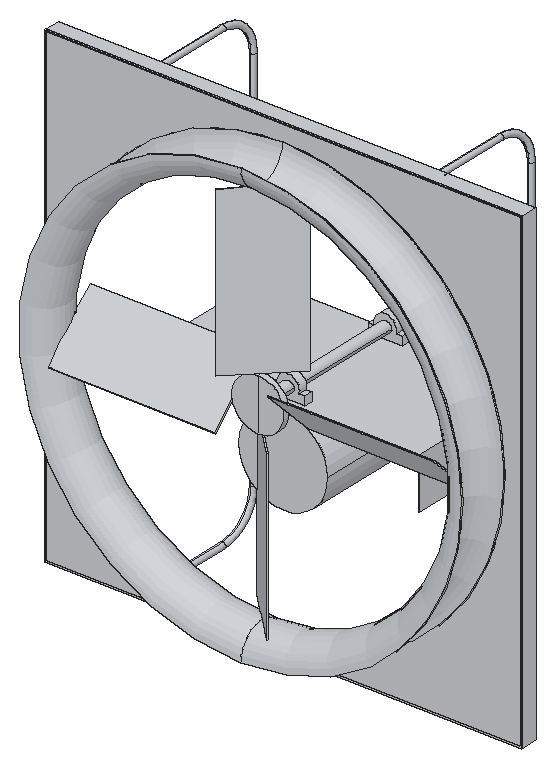
Revit family "EWB", category Mechanical Equipment, Revit 2019
Family settings
  Round Connector Dimension = Use Diameter
  Part Type = Normal
  Work Plane-Based = No
  Always vertical = Yes
  Cut with Voids When Loaded = No
  Shared = No
  Room Calculation Point = No
Parameters (values of type "72_EWB")
  Wire_Guard [instance] = no
  Weather_Hood [instance] = no
  Wall_Collar [instance] = no
  WH_B/2 = WH_B / 2  # 44"
  WH_B = 88"
  WH_ANGLE_2 = 92.00°  # constant formula
  WH_ANGLE = 130.00°  # constant formula
  WH_A = 65 7/16"
  WC_C = 82 9/16"
  WG_D = 13 7/16"
  WG_B = 85"
  WC_B = 87 11/16"
  -WH_B/2 = -WH_B / 2  # -44"
  -WC_D = -19 11/16"
  WC_A = 84 1/4"
  Unit Weight [instance] = ""
  Sones [instance] = ""
  SIZE/2 = SIZE / 2  # 39 1/16"
  SIZE = D - 1/8"  # 78 1/8"
  Motor RPM [instance] = ""
  Motor Enclosure [instance] = ""
  MOTOR = D / 10  # 7.825"
  LwA [instance] = ""
  Fan RPM [instance] = ""
  D/2 = D / 2  # 39 1/8"
  D = 78 1/4"
  E/2 = E / 2  # 1 1/2"
  E = 3"  # constant formula
  C/2 = C / 2  # 4 5/8"
  C = 9 1/4"
  B/4 = B / 4  # 6 3/4"
  B/2 = B / 2  # 13 1/2"
  B = 27"
  A/7 = A / 7  # 12.02679"
  A/3.5 = A / 3.5  # 24.05357"
  A/2 = A / 2  # 42 3/32"
  A = 84 3/16"
  9" = 9"  # constant formula
  4'6" = 54"  # constant formula
  3" = 3"  # constant formula
  Brake Hp [instance] = ""
  4" = 4"  # constant formula
  2' = 24"
  2" = 2"  # constant formula
  1" = 1"  # constant formula
  0 = 0"  # constant formula
  Voltage [instance] = 0 V
  URL = "www.lorencook.com"
  Type Comments = "Wall Exhaust Fan Extruded Aluminum Propeller Belt Drive"  # constant formula
  Static Pressure [instance] = 0.00 in-wg
  Power [instance] = Voltage * Motor FLA * sqrt(if(Phase = 3, 3, 1))  # 0 VA
  Phase [instance] = 0
  Number of Poles [instance] = 1
  Motor Hp [instance] = "0"
  Motor FLA [instance] = 0 A
  Model = "EWB"  # constant formula
  Manufacturer = "Loren Cook Company"
  CFM [instance] = 0 CFM
  1.5 = 1 1/2"  # constant formula
  .5" = 1/2"  # constant formula
  .125 = 1/8"  # constant formula
  -WG_A = -30 9/16"
  -D = -E  # -3"
  -C/2 = -C / 2  # -4 5/8"
  -B+1" = -B + 2"  # -25"
  -B = -B  # -27"
  -((SIZE/2)-.25") = -((SIZE / 2) - 1/4")  # -38 13/16"
  -((A/2)-C-.5") = -((A / 2) - C - 1/2")  # -32 11/32"
  (SIZE/2)-.25" = (SIZE / 2) - 1/4"  # 38 13/16"
  (D_SUP/2)-(C/2)-.125" = (D / 2) - (C / 2) - 1/8"  # 34 3/8"
  (A/2)-C-.5" = (A / 2) - C - 1/2"  # 32 11/32"
  (A/2)-1" = (A / 2) - 1/4"  # 41 27/32"
Types (9): name | WH_B/2 | WH_B | WH_A | WC_C | WG_D | WG_B | WC_B | -WH_B/2 | -WC_D | WC_A | SIZE/2 | SIZE | MOTOR | D/2 | D | C/2 | C | B/4 | B/2 | B | A/7 | A/3.5 | A/2 | A | -WG_A | -C/2 | -B+1" | -B | -((SIZE/2)-.25") | -((A/2)-C-.5") | (SIZE/2)-.25" | (D_SUP/2)-(C/2)-.125" | (A/2)-C-.5" | (A/2)-1"
  (no name) | 44" | 88" | 65 7/16" | 82 9/16" | 13 7/16" | 85" | 87 11/16" | -44" | -19 11/16" | 84 1/4" | 39 1/16" | 78 1/8" | 7.825" | 39 1/8" | 78 1/4" | 4 5/8" | 9 1/4" | 6 3/4" | 13 1/2" | 27" | 12.02679" | 24.05357" | 42 3/32" | 84 3/16" | -30 9/16" | -4 5/8" | -25" | -27" | -38 13/16" | -32 11/32" | 38 13/16" | 34 3/8" | 32 11/32" | 41 27/32"
  24_EWB | 20" | 40" | 27 1/8" | 34 7/16" | 12 9/16" | 37" | 39 9/16" | -20" | -18 11/16" | 36 1/4" | 14 15/16" | 29 7/8" | 3" | 15" | 30" | 3 5/16" | 6 5/8" | 5" | 10" | 20" | 5.16964" | 10.33929" | 18 3/32" | 36 3/16" | -20 9/16" | -3 5/16" | -18" | -20" | -14 11/16" | -10 31/32" | 14 11/16" | 11 9/16" | 10 31/32" | 17 27/32"
  30_EWB | 23" | 46" | 35 11/16" | 40 1/2" | 12 9/16" | 43" | 45 9/16" | -23" | -19 7/16" | 42 1/4" | 17 15/16" | 35 7/8" | 3.6" | 18" | 36" | 3 3/8" | 6 3/4" | 5 1/4" | 10 1/2" | 21" | 6.02679" | 12.05357" | 21 3/32" | 42 3/16" | -20 9/16" | -3 3/8" | -19" | -21" | -17 11/16" | -13 27/32" | 17 11/16" | 14 1/2" | 13 27/32" | 20 27/32"
  36_EWB | 26" | 52" | 39 15/16" | 46 1/2" | 12 9/16" | 49" | 51 5/8" | -26" | -19 7/16" | 48 1/4" | 20 15/16" | 41 7/8" | 4.2" | 21" | 42" | 3 5/8" | 7 1/4" | 5 1/4" | 10 1/2" | 21" | 6.88393" | 13.76786" | 24 3/32" | 48 3/16" | -25 9/16" | -3 5/8" | -19" | -21" | -20 11/16" | -16 11/32" | 20 11/16" | 17 1/4" | 16 11/32" | 23 27/32"
  42_EWB | 29" | 58" | 44 3/16" | 52 1/2" | 13 7/16" | 55" | 57 5/8" | -29" | -19 11/16" | 54 1/4" | 23 15/16" | 47 7/8" | 4.8" | 24" | 48" | 4 1/32" | 8 1/16" | 5 1/4" | 10 1/2" | 21" | 7.74107" | 15.48214" | 27 3/32" | 54 3/16" | -28 7/16" | -4 1/32" | -19" | -21" | -23 11/16" | -18 17/32" | 23 11/16" | 19 27/32" | 18 17/32" | 26 27/32"
  48_EWB | 32" | 64" | 48 7/16" | 58 9/16" | 13 7/16" | 61" | 63 11/16" | -32" | -19 11/16" | 60 1/4" | 26 15/16" | 53 7/8" | 5.4" | 27" | 54" | 4 1/32" | 8 1/16" | 6" | 12" | 24" | 8.59821" | 17.19643" | 30 3/32" | 60 3/16" | -28 7/16" | -4 1/32" | -22" | -24" | -26 11/16" | -21 17/32" | 26 11/16" | 22 27/32" | 21 17/32" | 29 27/32"
  54_EWB | 35" | 70" | 52 5/8" | 64 9/16" | 13 7/16" | 67" | 69 11/16" | -35" | -19 11/16" | 66 1/4" | 29 15/16" | 59 7/8" | 6" | 30" | 60" | 4 1/32" | 8 1/16" | 6 3/4" | 13 1/2" | 27" | 9.45536" | 18.91071" | 33 3/32" | 66 3/16" | -28 7/16" | -4 1/32" | -25" | -27" | -29 11/16" | -24 17/32" | 29 11/16" | 25 27/32" | 24 17/32" | 32 27/32"
  60_EWB | 38" | 76" | 56 13/16" | 70 9/16" | 13 7/16" | 73" | 75 11/16" | -38" | -19 11/16" | 72 1/4" | 32 15/16" | 65 7/8" | 6.6" | 33" | 66" | 4 1/32" | 8 1/16" | 6 3/4" | 13 1/2" | 27" | 10 5/16" | 20 5/8" | 36 3/32" | 72 3/16" | -28 7/16" | -4 1/32" | -25" | -27" | -32 11/16" | -27 17/32" | 32 11/16" | 28 27/32" | 27 17/32" | 35 27/32"
  72_EWB | 44" | 88" | 65 7/16" | 82 9/16" | 13 7/16" | 85" | 87 11/16" | -44" | -19 11/16" | 84 1/4" | 39 1/16" | 78 1/8" | 7.825" | 39 1/8" | 78 1/4" | 4 5/8" | 9 1/4" | 6 3/4" | 13 1/2" | 27" | 12.02679" | 24.05357" | 42 3/32" | 84 3/16" | -30 9/16" | -4 5/8" | -25" | -27" | -38 13/16" | -32 11/32" | 38 13/16" | 34 3/8" | 32 11/32" | 41 27/32"
Reference planes (in)
  plane 1 "Center (Front/Back)": y = 0
  plane 2: z = 0
  plane 3 "Center (Left/Right)": x = 0.40541
  plane 4: y = 1.5
Forms (in)
  Revolve 1, solid
    sketch origin (0.40541, 0, 0) x (0, 1, 0) y (0, 0, 1)
      loop
        line (-5.625, 4.625) -> (-5.625, 0) -> (-4.625, 0) -> (-4.625, 4.625) -> (-5.625, 4.625)
      axis (-5.625, 0) -> (-4.625, 0)
    angle from 0 to 360
  Extrusion 2, solid
    sketch origin (0.40541, 0, 0) x (0, 1, 0) y (0, 0, 1)
      loop
        line (0, -4.625) -> (-9.25, 4.625) -> (-9.33839, 4.53661) -> (-0.08839, -4.71339) -> (0, -4.625)
    from 48 to 4.625 <- "C/2"
  Extrusion 3, solid
    sketch origin (0.40541, 0, 0) x (0, 1, 0) y (-1, 0, 0)
      loop
        line (0, -4.625) -> (-9.25, 4.625) -> (-9.33839, 4.53661) -> (-0.08839, -4.71339) -> (0, -4.625)
    from 48 to 4.625 <- "C/2"
  Extrusion 4, solid
    sketch origin (0.40541, 0, 0) x (0, 1, 0) y (0, 0, -1)
      loop
        line (0, -4.625) -> (-9.25, 4.625) -> (-9.33839, 4.53661) -> (-0.08839, -4.71339) -> (0, -4.625)
    from 48 to 4.625 <- "C/2"
  Extrusion 5, solid
    sketch origin (0.40541, 0, 0) x (1, 0, 0) y (0, 1, 0)
      loop
        line (-4.625, 0) -> (-4.71339, -0.08839) -> (4.53661, -9.33839) -> (4.625, -9.25) -> (-4.625, 0)
    from -48 to -4.625 <- "-C/2"
  Extrusion 6, void
    sketch origin (0, 0, 0) x (1, 0, 0) y (0, 0, 1)
      loop
        circle (0.40541, 0) r 34.375
      loop
        circle (0.40541, 0) r 54
    from 0 to 10
  Extrusion 7, solid
    sketch origin (0, 0, 0) x (1, 0, 0) y (0, 0, 1)
      loop
        line (-41.68834, 42.09375) -> (-41.68834, -42.09375) -> (42.49916, -42.09375) -> (42.49916, 42.09375) -> (-41.68834, 42.09375)
      loop
        circle (0.40541, 0) r 39.125
    from 0 to -0.125
  Extrusion 8, solid
    sketch origin (0, 0, 0) x (1, 0, 0) y (0, 0, 1)
      loop
        line (-41.68834, 42.09375) -> (-41.68834, -42.09375) -> (42.49916, -42.09375) -> (42.49916, 42.09375) -> (-41.68834, 42.09375)
      loop
        line (42.37416, -41.96875) -> (42.37416, 41.96875) -> (-41.56334, 41.96875) -> (-41.56334, -41.96875) -> (42.37416, -41.96875)
    from 0 to -3 <- "-D"
  Extrusion 9, solid
    sketch origin (0, 0, 0) x (1, 0, 0) y (0, 0, 1)
      loop
        circle (0.40541, 0) r 1
    from 2 to -27 <- "-B"
  Extrusion 10, solid
    sketch origin (0, 0, 0) x (1, 0, 0) y (0, 0, 1)
      loop
        line (-23.64816, -2) -> (-23.64816, -11) -> (-23.52316, -11) -> (-23.52316, -3.5) -> (24.33398, -3.5) -> (24.33398, -11) -> (24.45898, -11) -> (24.45898, -2) -> (-23.64816, -2)
    from 0 to -25 <- "-B+1""
  Sweep 11, solid
    path origin (0.40541, 0, 0) x (0, 1, 0) y (0, 0, 1)
      loop
        line (0.125, 40.96875) -> (17.25, 40.96875)
        arc (17.25, 40.96875) -> (22.02297, 38.99172) -> (24, 34.21875) r 6.75
        line (24, 34.21875) -> (24, -34.21875)
        arc (24, -34.21875) -> (22.02297, -38.99172) -> (17.25, -40.96875) r 6.75
        line (17.25, -40.96875) -> (0.125, -40.96875)
    profile origin (0.40541, 8.6875, 40.96875) x (0, 0, 1) y (1, 0, 0)
      loop
        circle (0, -24.55357) r 0.5
      loop
        circle (0, 24.55357) r 0.5
  Revolve 12, solid
    sketch origin (0.40541, 0, 0) x (0, 1, 0) y (0, 0, 1)
      loop
        arc (-0.125, 39.125) -> (-4.75, 34.5) -> (-9.375, 39.125) r 4.625
        line (-9.375, 39.125) -> (-9.5, 39.125)
        arc (-9.5, 39.125) -> (-4.75, 34.375) -> (0, 39.125) r 4.75
        line (0, 39.125) -> (-0.125, 39.125)
      axis (-9.5, 0) -> (0, 0)
    angle from 0 to 360
  Extrusion 13, solid
    sketch origin (0, 25, 0) x (-1, 0, 0) y (0, 0, 1)
      loop
        circle (-0.40541, -11.325) r 7.825
    from 0 to -25 <- "-B+1""
  Extrusion 14, solid
    sketch origin (0, 27, 0) x (-1, 0, 0) y (0, 0, 1)
      loop
        circle (-0.40541, -11.325) r 1
    from 0 to -2
  Extrusion 15, solid
    sketch origin (0, 25, 0) x (-1, 0, 0) y (0, 0, 1)
      loop
        line (-3.40541, -0.5) -> (-3.40541, -2) -> (2.59459, -2) -> (2.59459, -0.5) -> (1.53108, -0.5)
        arc (1.53108, -0.5) -> (-0.40541, 2) -> (-2.3419, -0.5) r 2
        line (-2.3419, -0.5) -> (-3.40541, -0.5)
    from -2.5 to -1
  Extrusion 16, solid
    sketch origin (0, 0, 0) x (1, 0, 0) y (0, 0, 1)
      loop
        arc (2.3419, -0.5) -> (0.40541, 2) -> (-1.53108, -0.5) r 2
        line (-1.53108, -0.5) -> (-2.59459, -0.5) -> (-2.59459, -2) -> (3.40541, -2) -> (3.40541, -0.5) -> (2.3419, -0.5)
    from -2.5 to -1
  Extrusion 17, solid, material "Glass", visible <- "Wire_Guard"
    sketch origin (0, 1.5, 33.44256) x (0, 0, 1) y (-1, 0, 0)
      loop
        line (9.05744, -42.90541) -> (9.05744, 42.09459) -> (-75.94256, 42.09459) -> (-75.94256, -42.90541) -> (9.05744, -42.90541)
    from -30.5625 <- "-WG_A" to 13.4375 <- "WG_D"
  Extrusion 18, solid, visible <- "Wall_Collar"
    sketch origin (0, 3, 0) x (-1, 0, 0) y (0, 0, 1)
      loop
        line (41.84459, 42.25) -> (-42.65541, 42.25) -> (-42.65541, -42.25) -> (41.84459, -42.25) -> (41.84459, 42.25)
      loop
        line (-42.53041, -42.125) -> (41.71959, -42.125) -> (41.71959, 42.125) -> (-42.53041, 42.125) -> (-42.53041, -42.125)
    from 0 to -19.6875 <- "-WC_D"
  Extrusion 19, solid, visible <- "Wall_Collar"
    sketch origin (0, -16.6875, 0) x (1, 0, 0) y (0, 0, 1)
      loop
        line (-43.43834, 43.84375) -> (-43.43834, -43.84375) -> (44.24916, -43.84375) -> (44.24916, 43.84375) -> (-43.43834, 43.84375)
      loop
        line (41.68666, -41.28125) -> (41.68666, 41.28125) -> (-40.87584, 41.28125) -> (-40.87584, -41.28125) -> (41.68666, -41.28125)
    from -0.125 to 0
  Extrusion 20, solid, visible <- "Weather_Hood"
    sketch origin (0.40541, 0, 0) x (0, 1, 0) y (0, 0, 1)
      loop
        line (-16.6875, 44) -> (-55.45756, 44) -> (-82.125, 12.21898) -> (-19.6875, -44) -> (-16.6875, -44) -> (-16.6875, 44)
    from -44 <- "-WH_B/2" to 44 <- "WH_B/2"
  Extrusion 21, solid, visible <- "Weather_Hood"
    sketch origin (0.40541, -16.6875, -44) x (0, 0, 1) y (1, 0, 0)
      loop
        line (89.5, -45.5) -> (89.5, 45.5) -> (-1.5, 45.5) -> (-1.5, -45.5) -> (89.5, -45.5)
      loop
        line (0, 44) -> (0, -44) -> (88, -44) -> (88, 44) -> (0, 44)
    from -0.125 to 0
Cuts and joins
  Extrusion 6 cuts Revolve 1
  Extrusion 6 cuts Extrusion 2
  Extrusion 6 cuts Extrusion 3
  Extrusion 6 cuts Extrusion 4
  Extrusion 6 cuts Extrusion 5
Dimensions and locks (in)
  "0": Revolve 1 sketch curve to level  (x2)
  "C/2": Revolve 1 sketch curve to level
  "C/2": plane 1 "Center (Front/Back)" to Revolve 1 sketch curve
  "1"": Revolve 1 sketch curve to Revolve 1 sketch curve
  "0": Extrusion 2 sketch curve to plane 1 "Center (Front/Back)"
  "C": plane 1 "Center (Front/Back)" to Extrusion 2 sketch curve
  "C/2": Extrusion 2 sketch curve to level
  "C/2": level to Extrusion 2 sketch curve
  ".125": Extrusion 2 sketch curve to Extrusion 2 sketch curve
  ".125": Extrusion 3 sketch curve to Extrusion 3 sketch curve
  ".125": Extrusion 4 sketch curve to Extrusion 4 sketch curve
  ".125": Extrusion 5 sketch curve to Extrusion 5 sketch curve
  Extrusion 6 sketch curve to plane 3 "Center (Left/Right)" = 0"  (x2)
  level to Extrusion 6 sketch curve = 0"
  Extrusion 6 sketch curve to level = 0"
  "0": Extrusion 3 sketch curve to plane 1 "Center (Front/Back)"
  "C": Extrusion 3 sketch curve to plane 1 "Center (Front/Back)"
  "C/2": plane 3 "Center (Left/Right)" to Extrusion 3 sketch curve
  "C/2": Extrusion 3 sketch curve to plane 3 "Center (Left/Right)"
  "C": plane 1 "Center (Front/Back)" to Extrusion 4 sketch curve
  "0": Extrusion 4 sketch curve to plane 1 "Center (Front/Back)"
  "C/2": level to Extrusion 4 sketch curve
  "C/2": Extrusion 4 sketch curve to level
  "0": Extrusion 5 sketch curve to plane 1 "Center (Front/Back)"
  "C": Extrusion 5 sketch curve to plane 1 "Center (Front/Back)"
  "C/2": plane 3 "Center (Left/Right)" to Extrusion 5 sketch curve
  "C/2": Extrusion 5 sketch curve to plane 3 "Center (Left/Right)"
  "A/2": plane 3 "Center (Left/Right)" to Extrusion 7 sketch curve
  "A/2": Extrusion 7 sketch curve to plane 3 "Center (Left/Right)"
  "A/2": Extrusion 7 sketch curve to level
  "A/2": level to Extrusion 7 sketch curve
  "0": Extrusion 7 sketch curve to level
  "0": Extrusion 7 sketch curve to plane 3 "Center (Left/Right)"
  ".125": Extrusion 8 sketch curve to Extrusion 8 sketch curve  (x4)
  "A/2": plane 3 "Center (Left/Right)" to Extrusion 8 sketch curve  (x2)
  "A/2": level to Extrusion 8 sketch curve
  "A/2": Extrusion 8 sketch curve to level
  "0": Extrusion 9 sketch curve to level
  "0": Extrusion 9 sketch curve to plane 3 "Center (Left/Right)"
  "2"": level to Extrusion 10 sketch curve
  "9"": Extrusion 10 sketch curve to Extrusion 10 sketch curve  (x2)
  "A/3.5": Extrusion 10 sketch curve to plane 3 "Center (Left/Right)"
  "A/3.5": plane 3 "Center (Left/Right)" to Extrusion 10 sketch curve
  ".125": Sweep 11 sketch curve to plane 1 "Center (Front/Back)"  (x2)
  "1"": Extrusion 8 to Sweep 11 sketch curve  (x2)
  "0": Sweep 11 sketch curve to profile plane  (x2)
  ".5"": Sweep 11 sketch curve to Extrusion 10  (x2)
  "0": Revolve 12 sketch curve to level
  "D/2": Revolve 12 sketch curve to level  (x2)
  "C": Revolve 12 sketch curve to Revolve 12 sketch curve
  ".125": plane 1 "Center (Front/Back)" to Revolve 12 sketch curve
  ".125": Revolve 12 sketch curve to Revolve 12 sketch curve  (x2)
  "0": Revolve 12 sketch curve to Revolve 12 sketch curve
  ".125": Extrusion 10 sketch curve to Extrusion 10 sketch curve  (x2)
  "1.5": Extrusion 10 sketch curve to Extrusion 10 sketch curve
  "1"": Extrusion 10 to Sweep 11 sketch curve
  "0": Extrusion 13 sketch curve to plane 3 "Center (Left/Right)"
  "MOTOR": Extrusion 13 sketch curve to Extrusion 10
  "0": Extrusion 14 sketch curve to plane 3 "Center (Left/Right)"
  "MOTOR": Extrusion 14 sketch curve to Extrusion 10
  "0": Extrusion 10 to Extrusion 15 sketch curve
  "1.5": Extrusion 15 sketch curve to Extrusion 15 sketch curve
  "3"": plane 3 "Center (Left/Right)" to Extrusion 15 sketch curve  (x2)
  "0": Extrusion 15 sketch curve to plane 3 "Center (Left/Right)"
  "0": level to Extrusion 15 sketch curve
  "0": Extrusion 16 sketch curve to plane 3 "Center (Left/Right)"
  "0": Extrusion 16 sketch curve to level
  "0": Extrusion 10 to Extrusion 16 sketch curve
  "1.5": Extrusion 10 to Extrusion 16 sketch curve
  "3"": plane 3 "Center (Left/Right)" to Extrusion 16 sketch curve  (x2)
  "1.5": plane 4 to plane 1 "Center (Front/Back)"
  equal spacing: Extrusion 17 sketch curve, plane 3 "Center (Left/Right)", Extrusion 17 sketch curve
  equal spacing: Extrusion 17 sketch curve, level, Extrusion 17 sketch curve
  "WG_B": Extrusion 17 sketch curve to Extrusion 17 sketch curve  (x2)
  equal spacing: Extrusion 18 sketch curve, plane 3 "Center (Left/Right)", Extrusion 18 sketch curve  (x2)
  equal spacing: Extrusion 18 sketch curve, level, Extrusion 18 sketch curve  (x2)
  "WC_A": Extrusion 18 sketch curve to Extrusion 18 sketch curve  (x2)
  ".125": Extrusion 18 sketch curve to Extrusion 18 sketch curve  (x2)
  equal spacing: Extrusion 19 sketch curve, plane 3 "Center (Left/Right)", Extrusion 19 sketch curve  (x2)
  equal spacing: Extrusion 19 sketch curve, level, Extrusion 19 sketch curve  (x2)
  "WC_C": Extrusion 19 sketch curve to Extrusion 19 sketch curve  (x2)
  "WC_B": Extrusion 19 sketch curve to Extrusion 19 sketch curve  (x2)
  equal spacing: Extrusion 20 sketch curve, level, Extrusion 20 sketch curve
  "WH_B": Extrusion 20 sketch curve to Extrusion 20 sketch curve
  "3"": Extrusion 20 sketch curve to Extrusion 20 sketch curve
  "WH_A": Extrusion 20 sketch curve to Extrusion 20 sketch curve
  "0": Extrusion 19 to Extrusion 20 sketch curve
  equal spacing: Extrusion 21 sketch curve, level, Extrusion 21 sketch curve  (x2)
  equal spacing: Extrusion 21 sketch curve, plane 3 "Center (Left/Right)", Extrusion 21 sketch curve  (x2)
  "1.5": Extrusion 21 sketch curve to Extrusion 21 sketch curve  (x2)
  "WH_B": Extrusion 21 sketch curve to Extrusion 21 sketch curve  (x2)
  "(D_SUP/2)-(C/2)-.125"": radius of Extrusion 6 sketch curve
  "D/2": radius of Extrusion 7 sketch curve
  "1"": radius of Extrusion 9 sketch curve
  "B/4": radius of Sweep 11 sketch curve  (x2)
  ".5"": radius of Sweep 11 sketch curve  (x2)
  "MOTOR": radius of Extrusion 13 sketch curve
  "1"": radius of Extrusion 14 sketch curve
  "2"": radius of Extrusion 15 sketch curve
  "2"": radius of Extrusion 16 sketch curve
  "4'6"": radius of Extrusion 6 sketch curve
  "WH_ANGLE": angle Extrusion 20 sketch curve to Extrusion 20 sketch curve
  "WH_ANGLE_2": angle Extrusion 20 sketch curve to Extrusion 20 sketch curve
Automatic sketch dimensions
  Revolve 1 sketch curve to plane 1 "Center (Front/Back)" = 0"
  Revolve 1 sketch curve to Revolve 1 sketch curve = 26"
  plane 1 "Center (Front/Back)" to Revolve 12 sketch curve = 3 1/4"
  Revolve 12 sketch curve to Revolve 12 sketch curve = 1.44822"
  Extrusion 15 sketch curve to Extrusion 15 sketch curve = 1.06351"
  Extrusion 16 sketch curve to Extrusion 16 sketch curve = 1.06351"
  Extrusion 16 sketch curve to Extrusion 16 sketch curve = 0"  (x2)
Connectors (in)
  hvac at (0.40541, 3, 0), driven by "A", driven by "A", driven by "CFM"
    settings: on Extrusion 8, index 1, duct flow 0 CFM, flow factor 0, pres drop 0.00 in-wg, loss coef 0, conn angle 0.00°, conn width 84 3/16", conn height 84 3/16", conn diameter 24", duct sys type 3, conn prof type 1, flow config 0, flow direction 2, loss method 0, conn ref index -1, conn util no, is conn primary yes, conn desc ""
  electrical at (0.40541, 0, -11.325)
    settings: on Extrusion 13, index 2, voltage 0 V, apparent load 0 VA, apparent load phase1 0 VA, apparent load phase2 0 VA, apparent load phase3 0 VA, power factor 1, load classification "Other", number of poles 1, system type 30, power factor state 1, is connector primary yes, connector utility no, sub classification motor no, connector description ""
